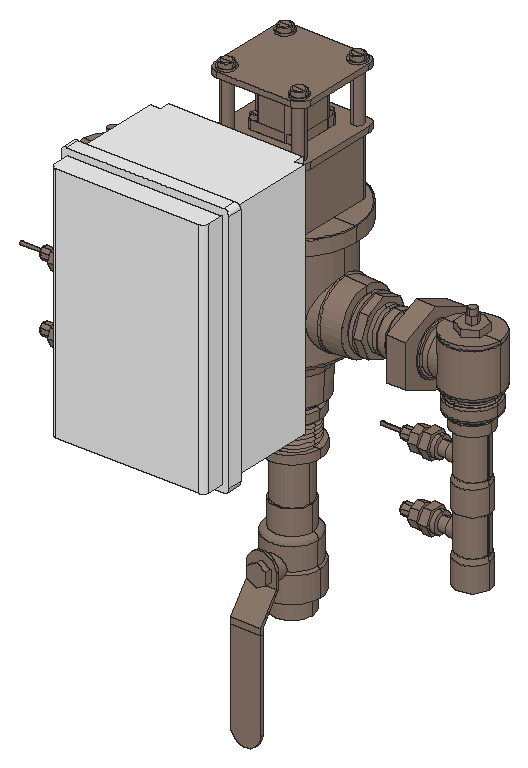
Revit family "Mixing_Valve-Leonard_Valve_Company-NV_150_LF", category Pipe Accessories, Revit 2015
Parameters (values of type "NV-150-LF-IF-RTS")
  Youtube clip = ""
  Weight Net (Kg) = "0"
  Uniformat II Description = ""
  Uniformat II Code = ""
  Uniclass 2015 Name = ""
  Uniclass 2015 Code = ""
  Uniclass 2.0 Description = ""
  Uniclass 2.0 Code = ""
  Uniclass 1.4 Description = ""
  Uniclass 1.4 Code = ""
  URL = "http://www.leonardvalve.com/"
  UNSPSC Code = "401416"
  Technical description = "http://www.leonardvalvecompany.com/assets/s-nv-150-lf.pdf"
  Valve Box Material = Steel-Leonard_Valve_Company-Baked_White
  Region South America = "None"
  Region Oceania = "None"
  Region North America = "US"
  Region Middle East = "None"
  Region Europe = "None"
  Region Asia = "None"
  Region Antarctica = "None"
  Region Africa = "None"
  QR code = "http://bimobject.com/leonardvalvecompany/product/nv-150-lf"
  Product url = "http://www.leonardvalvecompany.com/nucleus.html"
  Product group = "Digitally Controlled Mixing Valves"
  Product family = "Mixing Valves for Liquid Services"
  Product data url = "https://bimobject.com/leonardvalvecompany/product/nv-150-lf"
  Product certification = ""
  Product SKU = "nv-150-lf"
  Product Guid = "de5db732-72ee-4206-bb4f-5ee1b4d9b55c"
  Pipe Radius .75 = 0.8125"  # constant formula
  Pipe Radius .625 = 0.6875"  # constant formula
  Outlet Flow = 0.0 L/s
  OmniClass Description = "Mixing Valves"
  OmniClass Code = "23-27 31 29"
  Nominal width = 0.0000"
  Nominal height = 0.0000"
  Tee Fittings = 7.55446"
  NF-150-LF-IF-RTS Double Fittings = yes
  NBS Reference Description = ""
  NBS Reference Code = ""
  Model = "NV-150-LF"
  Material secondary = ""
  Material main = ""
  Masterformat 2014 Description = ""
  Masterformat 2014 Code = ""
  Manufacturer name = "Leonard Valve Company"
  Manufacturer country = "United States"
  Manufacturer = "Leonard Valve Company"
  Installation instructions = ""
  Inlet Flow = 0.0 L/s
  IFC Classification = "Valve"
  Edition number = 1
  EAN code = ""
  Design country = "United States"
  Description = "The Nucleus Digitally Controlled Mixing Valve from Leonard Valve Company serves as the central monitor & control of a Domestic Hot Water System. The Nucleus Digitally Controlled Mixing Valve capabilities include:\r\n\r\n+/- 2°F Mixed Water Temperature in accordance with ASSE 1017-2009.\r\n+/- 2°F Mixed Water Temperature during periods of low or no system demand\r\n0.5 GPM Minimum Flow with Continuously Operating Recirculation Pump\r\nAutomatic Shutoff of Valve upon Cold or Hot Supply Failure\r\nSystem Setup & Commissioning from Nucleus Control Module–no PC or Laptop Required\r\nLCD Display & Sensor Indicators – Set Point Temperature & Actual Temperature\r\nBMS Interface – Native Support for Six Different Protocols including BACnet & Modbus\r\nEthernet Connection for PC or LAN for Valve Programming or Interrogation\r\nWeb Server to remotely monitor & control Nucleus Mixing Valve\r\nData Logger – stores up to 30 days of temperatures, pressure & flows\r\nNucleus is UL Listed & Approved to E484833. Eco-Mix Certified Lead Free Construction"
  Date of publishing = ""
  COBIe Type Category = ""
  Pipe Material = Bronze-Leonard_Valve_Company
  Brand url = "http://www.leonardvalve.com/"
  BIMobject category = "Valves"
Reference planes (in)
  plane 1 "Center (Front/Back)": y = 0
  plane 2: z = 0
  plane 3 "Center (Left/Right)": x = 0
  plane 4: z = 5.36022
  plane 5: z = 15.4784
  plane 6: z = 12.91468
  plane 7: z = 3.80938
  plane 8: z = 11.35186
  plane 9: z = 5.36022
  plane 10: z = 3.7974
  plane 11: x = -8.02027
  plane 12: x = 8.04034
  plane 13: z = 14.15842
  plane 14: z = 12.60758
  plane 15: y = -2.89593
Forms (in)
  Sweep 1, solid, material "Bronze-Leonard_Valve_Company" <- "Pipe Material", detail levels fine
    path origin (0, -2.89593, 12.91468) x (1, 0, 0) y (0, 0, 1)
      loop
        line (-8.02027, 0) -> (-8.02027, -7.55446)
    profile "Fitting-Profile_R0.625 : Fitting-Profile_R0.625" origin (-8.02027, -2.89593, 9.13745) x (1, 0, 0) y (0, -1, 0)
      loop
        circle (0, 0) r 0.6875
  Sweep 2, solid, material "Bronze-Leonard_Valve_Company" <- "Pipe Material", detail levels fine
    path origin (0, -2.89593, 12.90289) x (1, 0, 0) y (0, 0, 1)
      loop
        line (8.04034, -1.55103) -> (8.04034, -9.10549)
    profile "Fitting-Profile_R0.625 : Fitting-Profile_R0.625" origin (8.04034, -2.89593, 7.57463) x (1, 0, 0) y (0, -1, 0)
      loop
        circle (0, 0) r 0.6875
Lines and regions (in)
  Masking region 1, detail levels coarse+medium
    outline origin (0, 6.25, 0) x (1, 0, 0) y (0, 1, 0)
      loop
        circle (0, -9.14593) r 2.89593
  model lines, detail levels coarse+medium
    curve 1: line (-8.02027, -2.89593, 12.32149) -> (-8.02027, -2.89593, 14.15842)
    curve 2: line (8.04034, -2.89593, 3.80919) -> (8.04034, -2.89593, 12.60758)
    curve 9: line (-8.02027, -2.89593, 14.15842) -> (-3.739, -2.89593, 14.15842)
    curve 10: line (8.04034, -2.89593, 12.60758) -> (3.739, -2.89593, 12.60758)
    curve 11: line (-3.739, -2.89593, 20.74034) -> (3.739, -2.89593, 20.74034)
    curve 12: line (-3.739, -2.89593, 9.39734) -> (-3.739, -2.89593, 20.74034)
    curve 13: line (3.739, -2.89593, 9.39734) -> (-3.739, -2.89593, 9.39734)
    curve 14: line (3.739, -2.89593, 20.74034) -> (3.739, -2.89593, 9.39734)
    curve 15: line (0, -2.89593, 9.39734) -> (0, -2.89593, 3.80938)
    curve 16: line (-0.94662, -2.89593, 3.80938) -> (0.94662, -2.89593, 3.80938)
    curve 17: line (0.94662, -2.89593, 3.80938) -> (0, -2.89593, 1.93956)
    curve 18: line (-0.94662, -2.89593, 3.80938) -> (0, -2.89593, 1.93956)
    curve 19: line (-0.94662, -2.89593, 0.06974) -> (0.94662, -2.89593, 0.06974)
    curve 20: line (0.94662, -2.89593, 0.06974) -> (0, -2.89593, 1.93956)
    curve 21: line (-0.94662, -2.89593, 0.06974) -> (0, -2.89593, 1.93956)
    curve 22: line (0, -2.89593, 1.93956) -> (-1.5, -2.89593, 1.93956)
    curve 23: line (-1.5, -2.89593, 1.93956) -> (-1.5, -2.89593, 2.68956)
    curve 24: line (-1.5, -2.89593, 1.93956) -> (-1.5, -2.89593, 1.18956)
  model lines, visible <- "NF-150-LF-IF-RTS Double Fittings", detail levels coarse+medium
    curve 3: line (-8.77311, -2.89593, 5.36022) -> (-7.26742, -2.89593, 5.36022)
    curve 4: line (-8.77311, -2.89593, 12.32149) -> (-7.26742, -2.89593, 12.32149)
    curve 5: line (7.2875, -2.89593, 3.80938) -> (8.79318, -2.89593, 3.80938)
    curve 6: line (7.2875, -2.89593, 3.80919) -> (8.79318, -2.89593, 3.80919)
  symbolic lines, detail levels coarse+medium
    curve 7: line (-2.89593, -2.89593, 0) -> (-8.02027, -2.89593, 0)
    curve 8: line (2.89593, -2.89593, 0) -> (8.06287, -2.89593, 0)
Dimensions and locks (in)
  locked: plane 5 to plane 2 at 15.4784
  locked: plane 5 to plane 6 at 2.56372
  "Tee Fittings": plane 6 to plane 9
  locked: plane 5 to plane 8 at 4.12654
  "Tee Fittings": plane 8 to plane 10
  plane 11 to plane 3 "Center (Left/Right)" to plane 12 = 8.02027" locked, 8.04034" locked
  locked: plane 1 "Center (Front/Back)" to plane 15 at 2.89593
  aligned and locked: level to plane 2
  aligned and locked: nested 2 to nested 3
  aligned and locked: Sweep 2 to plane 8  (x2)
  aligned and locked: Sweep 1 to plane 6  (x2)
  aligned and locked: plane 10 to Sweep 2
  aligned and locked: nested 4 to nested 4
  aligned and locked: nested 4 to nested 5
  aligned and locked: plane 8 to Sweep 2 sketch curve
  aligned and locked: plane 10 to Sweep 2 sketch curve
  aligned and locked: plane 6 to Sweep 1 sketch curve
  aligned and locked: plane 9 to Sweep 1 sketch curve
  aligned and locked: curve 1 to plane 11
  aligned and locked: curve 2 to plane 12
  aligned and locked: curve 4 to curve 1
  aligned and locked: plane 12 to curve 2
  aligned and locked: nested 4 to plane 15
  aligned and locked: plane 15 to curve 7
  aligned and locked: plane 14 to curve 10
  aligned and locked: plane 14 to curve 2
  aligned and locked: plane 13 to curve 9
  aligned and locked: plane 11 to curve 1
  aligned and locked: plane 11 to curve 9
  aligned and locked: curve 11 to nested 6
  aligned and locked: curve 12 to nested 6
  aligned and locked: curve 13 to nested 6
  aligned and locked: curve 14 to nested 6
  aligned and locked: curve 8 to plane 15
  aligned and locked: curve 15 to plane 3 "Center (Left/Right)"
  aligned and locked: plane 3 "Center (Left/Right)" to nested 1
Automatic sketch dimensions
  Sweep 1 sketch curve to plane 3 "Center (Left/Right)" = 8.02027"
  plane 3 "Center (Left/Right)" to Sweep 2 sketch curve = 8.04034"
  curve 3 to plane 4 = 0.0000"
  curve 5 to plane 7 = 0.0000"
  curve 4 to plane 14 = 0.28609"
  curve 4 to plane 11 = 0.75284"
  curve 3 to plane 11 = 0.75284"
  plane 12 to curve 6 = 0.75284"
  plane 12 to curve 5 = 0.75284"
  curve 6 to plane 12 = 0.75284"
  curve 1 to plane 13 = 0.0000"
  plane 12 to curve 10 = 0.0000"
  plane 11 to curve 3 = 0.75284"
  plane 11 to curve 4 = 0.75284"
  curve 5 to plane 12 = 0.75284"
  curve 6 to plane 10 = 0.01179"
  curve 21 to plane 3 "Center (Left/Right)" = 0.0000"
  plane 3 "Center (Left/Right)" to curve 19 = 0.94662"
  level to curve 17 = 3.80938"
  plane 3 "Center (Left/Right)" to curve 17 = 0.94662"
  curve 15 to curve 16 = 0.94662"
  curve 19 to plane 3 "Center (Left/Right)" = 0.94662"
  curve 16 to curve 23 = 0.55338"
  level to curve 23 = 2.68956"
  curve 17 to curve 23 = 0.7500"
  curve 24 to curve 22 = 0.7500"
  curve 21 to curve 24 = 1.11982"
  Masking region 1 sketch curve to plane 3 "Center (Left/Right)" = 0.0000"
  Masking region 1 sketch curve to plane 15 = 0.0000"
  curve 7 to plane 11 = 0.0000"
  curve 7 to plane 3 "Center (Left/Right)" = 2.89593"
  plane 3 "Center (Left/Right)" to curve 8 = 2.89593"
  curve 8 to plane 12 = 0.02253"
  radius of Masking region 1 sketch curve = 2.89593"
Nested families (in)
  nested 1: "Mixing-Valve-Nucleus_NV-150-LF" at (0, -2.89593, 13.16468), type "NV-150-RF-IF-RTS", detail levels fine
  nested 2: "Fitting-Tee_NV-150-LF_R1.250_Upper" at (-8.02027, -2.89593, 10.31893), visible <- "NF-150-LF-IF-RTS Double Fittings", type "Fitting-Tee_NV-150-LF_R1.250_Upper"
  nested 3: "Fitting-Tee_NV-150-LF_R1.250_Bottom" at (-8.02027, -2.89593, 7.28749), visible <- "NF-150-LF-IF-RTS Double Fittings", type "Fitting-Tee_NV-150-LF_R1.250_Bottom"
  nested 4: "Fitting-Tee_NV-150-LF_R1.250_Upper" at (8.04034, -2.89593, 8.76809), visible <- "NF-150-LF-IF-RTS Double Fittings", type "Fitting-Tee_NV-150-LF_R1.250_Upper"
  nested 5: "Fitting-Tee_NV-150-LF_R1.250_Bottom" at (8.04034, -2.89593, 5.73665), visible <- "NF-150-LF-IF-RTS Double Fittings", type "Fitting-Tee_NV-150-LF_R1.250_Bottom"
  nested 6: "Box_NV-150-LF" at (0, -9.04369, 9.39734), type "Box_NV-150-LF", detail levels fine
  nested 7: "Valve-Ball_NV-150-LF_R1.500" at (0, -2.89593, 2.65924), type "Valve-Ball_NV-150-LF_R1.500", detail levels fine
Connectors (in)
  piping at (-8.02027, -2.89593, 5.36022), diameter 1.25, driven by "Inlet Flow"
    settings: on Sweep 1, index 11, connector inside diameter 609.6 mm, connector length 0.0000", flow factor 0, pipe flow 0.0 L/s, pressure drop 0.0 Pa, fitting loss kfactor 0, connector angle 0.00°, fixture units 0, engagement length 0.0000", angle of deflection 0.00°, flow configuration 0, flow direction 1, fitting loss method 0, system type 19, joint type 0, gender type 0, connector reference index -1, connector utility 0, adjustable connector no, is connector primary yes, connector description "Hot Water Inlet"
  piping at (8.04034, -2.89593, 3.7974), diameter 1.25, driven by "Inlet Flow"
    settings: on Sweep 2, index 12, connector inside diameter 609.6 mm, connector length 0.0000", flow factor 0, pipe flow 0.0 L/s, pressure drop 0.0 Pa, fitting loss kfactor 0, connector angle 0.00°, fixture units 0, engagement length 0.0000", angle of deflection 0.00°, flow configuration 0, flow direction 1, fitting loss method 0, system type 20, joint type 0, gender type 0, connector reference index -1, connector utility 0, adjustable connector no, is connector primary no, connector description "Chilled Water Inlet"
  piping at (0, -2.89593, 0), diameter 1.5, driven by "Outlet Flow"
    settings: on nested 7, index 13, connector inside diameter 609.6 mm, connector length 0.0000", flow factor 0, pipe flow 0.0 L/s, pressure drop 0.0 Pa, fitting loss kfactor 0, connector angle 0.00°, fixture units 0, engagement length 0.0000", angle of deflection 0.00°, flow configuration 0, flow direction 2, fitting loss method 0, system type 7, joint type 0, gender type 0, connector reference index -1, connector utility 0, adjustable connector no, is connector primary no, connector description "Outlet"
Definition of nested family "Mixing-Valve-Nucleus_NV-150-LF"
  Parameters (values of type "NV-150-RF-IF-RTS")
    NV-150-RF-IF-RTS = yes
    NV-150-LF-IF-RTS Additional part = 7.5000"
    Default Elevation = 48.0000"
    Bronze - Leonard Valve Company = none
  Reference planes (in)
    plane 1 "Center (Front/Back)": y = 0
    plane 2: z = 0
    plane 3 "Center (Left/Right)": x = 0
    plane 4: y = 1.1142
    plane 5: y = -1.1142
    plane 6: y = 2.13305
    plane 7: y = -1.65625
    plane 8: y = 1.63116
    plane 9: y = -1.63116
    plane 10: y = 0.9282
    plane 11: y = -0.9282
    plane 12: x = -1.23968
    plane 13: x = 1.23968
    plane 14: y = 1.24452
    plane 15: y = -1.24452
    plane 16: y = 1.65625
    plane 17: y = -1.53078
    plane 18: z = -2.39403
    plane 19: x = 9.29508
    plane 20: y = 0.6535
    plane 21: y = -0.6535
    plane 22: y = 0.2185
    plane 23: y = -0.2185
    plane 24: x = -9.275
    plane 25: x = -2.21335
    plane 26: x = -1.97244
    plane 27: x = -2.34384
    plane 28: y = 0.25597
    plane 29: y = -0.25597
    plane 30: x = 1.998
    plane 31: y = -2.13305
    plane 32: x = -1.07907
    plane 33: x = 1.07907
    plane 34: y = 1.88215
    plane 35: y = -1.92225
    plane 36: y = -1.88215
    plane 37: z = -0.84319
    plane 38: x = -1.62112
    plane 39: x = 1.62112
    plane 40: z = 8.58741
    plane 41: z = 8.33646
    plane 42: z = 6.07794
    plane 43: z = 5.82699
    plane 44: z = 3.09669
    plane 45: z = -2.95114
    plane 46: x = -2.7554
    plane 47: z = -1.89403
    plane 48: z = -0.25
  Forms (in)
    Revolve 1, solid, material <- "Bronze - Leonard Valve Company", detail levels fine
      sketch origin (0, 0, 0) x (1, 0, 0) y (0, 0, 1)
        loop
          line (-2.89593, 2.44924) -> (0, 2.44924) -> (0, 3.09669) -> (-2.85578, 3.09669)
          arc (-2.85578, 3.09669) -> (-2.87707, 3.08787) -> (-2.88589, 3.06657) r 0.03011
          line (-2.88589, 3.06657) -> (-2.89593, 2.44924)
        axis (0, 3.09669) -> (0, 2.44924)
      angle from 0 to 360
    Sweep 2, solid, material <- "Bronze - Leonard Valve Company", detail levels fine
      path origin (0, 0, 0) x (1, 0, 0) y (0, 0, 1)
        loop
          line (0, 6.07794) -> (0, 5.82699)
      profile origin (0, 0, 5.95246) x (0, -1, 0) y (1, 0, 0)
        loop
          arc (-2.13305, -1.63111) -> (-1.98605, -1.986) -> (-1.63116, -2.133) r 0.50189
          line (-1.63116, -2.133) -> (1.63116, -2.133)
          arc (1.63116, -2.133) -> (1.98605, -1.986) -> (2.13305, -1.63111) r 0.50189
          line (2.13305, -1.63111) -> (2.13305, 1.63111)
          arc (2.13305, 1.63111) -> (1.98605, 1.986) -> (1.63116, 2.133) r 0.50189
          line (1.63116, 2.133) -> (-1.63116, 2.133)
          arc (-1.63116, 2.133) -> (-1.98605, 1.986) -> (-2.13305, 1.63111) r 0.50189
          line (-2.13305, 1.63111) -> (-2.13305, -1.63111)
    Sweep 3, solid, material <- "Bronze - Leonard Valve Company", detail levels fine
      path origin (0, 0, 0) x (1, 0, 0) y (0, 0, 1)
        loop
          line (0, 6.07794) -> (0, 7.84962)
      profile origin (0, 0, 6.96378) x (-1, 0, 0) y (0, -1, 0)
        loop
          arc (0.58009, -1.1142) -> (0.69357, -1.05731) -> (0.73829, -0.93851) r 0.17417
          arc (0.73829, -0.93851) -> (0.79399, -0.80403) -> (0.92847, -0.74833) r 0.19019
          arc (0.92847, -0.74833) -> (1.04487, -0.70481) -> (1.10417, -0.5956) r 0.17742
          line (1.10417, -0.5956) -> (1.10417, 0.5956)
          arc (1.10417, 0.5956) -> (1.04487, 0.70481) -> (0.92847, 0.74833) r 0.17742
          arc (0.92847, 0.74833) -> (0.79399, 0.80403) -> (0.73829, 0.93851) r 0.19019
          arc (0.73829, 0.93851) -> (0.69357, 1.05731) -> (0.58009, 1.1142) r 0.17417
          line (0.58009, 1.1142) -> (-0.58009, 1.1142)
          arc (-0.58009, 1.1142) -> (-0.69357, 1.05731) -> (-0.73829, 0.93851) r 0.17417
          arc (-0.73829, 0.93851) -> (-0.79399, 0.80403) -> (-0.92847, 0.74833) r 0.19019
          arc (-0.92847, 0.74833) -> (-1.04487, 0.70481) -> (-1.10417, 0.5956) r 0.17742
          line (-1.10417, 0.5956) -> (-1.10417, -0.5956)
          arc (-1.10417, -0.5956) -> (-1.04487, -0.70481) -> (-0.92847, -0.74833) r 0.17742
          arc (-0.92847, -0.74833) -> (-0.79399, -0.80403) -> (-0.73829, -0.93851) r 0.19019
          arc (-0.73829, -0.93851) -> (-0.69357, -1.05731) -> (-0.58009, -1.1142) r 0.17417
          line (-0.58009, -1.1142) -> (0.58009, -1.1142)
    Sweep 4, solid, material <- "Bronze - Leonard Valve Company", detail levels fine
      path origin (0, 0, 0) x (1, 0, 0) y (0, 0, 1)
        loop
          line (0, 6.07794) -> (0, 6.45938)
      profile origin (0, 0, 6.26866) x (-1, 0, 0) y (0, -1, 0)
        loop
          arc (0.94938, -1.1142) -> (1.05883, -1.06887) -> (1.10417, -0.95942) r 0.15479
          line (1.10417, -0.95942) -> (1.10417, 0.95942)
          arc (1.10417, 0.95942) -> (1.05883, 1.06887) -> (0.94938, 1.1142) r 0.15479
          line (0.94938, 1.1142) -> (-0.94938, 1.1142)
          arc (-0.94938, 1.1142) -> (-1.05883, 1.06887) -> (-1.10417, 0.95942) r 0.15479
          line (-1.10417, 0.95942) -> (-1.10417, -0.95942)
          arc (-1.10417, -0.95942) -> (-1.05883, -1.06887) -> (-0.94938, -1.1142) r 0.15479
          line (-0.94938, -1.1142) -> (0.94938, -1.1142)
    Sweep 5, solid, material <- "Bronze - Leonard Valve Company", detail levels fine
      path origin (-4.39662, 1.63116, 47.24409) x (-1, 0, 0) y (0, 0, 1)
        loop
          line (-2.7755, -41.16616) -> (-2.7755, -38.90764)
      profile origin (-1.62112, 1.63116, 7.2072) x (1, 0, 0) y (0, 1, 0)
        loop
          circle (0, 0) r 0.251
    Sweep 6, solid, material <- "Bronze - Leonard Valve Company", detail levels fine
      path origin (-4.39662, 1.63116, 47.24409) x (-1, 0, 0) y (0, 0, 1)
        loop
          line (-6.01773, -38.90764) -> (-6.01773, -41.16616)
      profile origin (1.62112, 1.63116, 7.2072) x (0, 1, 0) y (-1, 0, 0)
        loop
          circle (0, 0) r 0.251
    Sweep 7, solid, material <- "Bronze - Leonard Valve Company", detail levels fine
      path origin (-4.39662, -1.63116, 47.24409) x (-1, 0, 0) y (0, 0, 1)
        loop
          line (-2.7755, -38.90764) -> (-2.7755, -41.16616)
      profile origin (-1.62112, -1.63116, 7.2072) x (0, -1, 0) y (1, 0, 0)
        loop
          circle (0, 0) r 0.251
    Sweep 8, solid, material <- "Bronze - Leonard Valve Company", detail levels fine
      path origin (-4.39662, -1.63116, 47.24409) x (-1, 0, 0) y (0, 0, 1)
        loop
          line (-6.01773, -41.16616) -> (-6.01773, -38.90764)
      profile origin (1.62112, -1.63116, 7.2072) x (-1, 0, 0) y (0, -1, 0)
        loop
          circle (0, 0) r 0.251
    Sweep 9, solid, material <- "Bronze - Leonard Valve Company", detail levels fine
      path origin (0, 0, 0) x (1, 0, 0) y (0, 0, 1)
        loop
          line (0, 8.58741) -> (0, 8.33646)
      profile origin (0, 0, 8.46193) x (0, -1, 0) y (1, 0, 0)
        loop
          arc (-2.13305, -1.63111) -> (-1.98605, -1.986) -> (-1.63116, -2.133) r 0.50189
          line (-1.63116, -2.133) -> (1.63116, -2.133)
          arc (1.63116, -2.133) -> (1.98605, -1.986) -> (2.13305, -1.63111) r 0.50189
          line (2.13305, -1.63111) -> (2.13305, 1.63111)
          arc (2.13305, 1.63111) -> (1.98605, 1.986) -> (1.63116, 2.133) r 0.50189
          line (1.63116, 2.133) -> (-1.63116, 2.133)
          arc (-1.63116, 2.133) -> (-1.98605, 1.986) -> (-2.13305, 1.63111) r 0.50189
          line (-2.13305, 1.63111) -> (-2.13305, -1.63111)
    Revolve 10, solid, material <- "Bronze - Leonard Valve Company", detail levels fine
      sketch origin (-4.39662, 1.63116, 47.24409) x (-1, 0, 0) y (0, 0, 1)
        loop
          line (-2.7755, -38.39069) -> (-2.7755, -38.65669) -> (-2.39908, -38.65669) -> (-2.39908, -38.59646) -> (-2.4844, -38.59646) -> (-2.4844, -38.41578) -> (-2.52455, -38.39069) -> (-2.7755, -38.39069)
        axis (-2.7755, -38.39069) -> (-2.7755, -38.65669)
      angle from 0 to 360
    Revolve 11, solid, material <- "Bronze - Leonard Valve Company", detail levels fine
      sketch origin (-1.40981, 0.9282, 47.24409) x (-1, 0, 0) y (0, 0, 1)
        loop
          line (-0.33073, -40.78472) -> (-0.33073, -40.594) -> (-0.49164, -40.594) -> (-0.49164, -40.78472) -> (-0.33073, -40.78472)
        axis (-0.49164, -40.594) -> (-0.49164, -40.78472)
      angle from 0 to 360
    Revolve 12, solid, material <- "Bronze - Leonard Valve Company", detail levels fine
      sketch origin (-1.40981, 0.9282, 47.24409) x (-1, 0, 0) y (0, 0, 1)
        loop
          line (-2.32797, -40.78472) -> (-2.32797, -40.594) -> (-2.48888, -40.594) -> (-2.48888, -40.78472) -> (-2.32797, -40.78472)
        axis (-2.32797, -40.594) -> (-2.32797, -40.78472)
      angle from 0 to 360
    Revolve 13, solid, material <- "Bronze - Leonard Valve Company", detail levels fine
      sketch origin (-1.40981, -0.9282, 47.24409) x (-1, 0, 0) y (0, 0, 1)
        loop
          line (-0.49164, -40.594) -> (-0.49164, -40.78472) -> (-0.33073, -40.78472) -> (-0.33073, -40.594) -> (-0.49164, -40.594)
        axis (-0.49164, -40.594) -> (-0.49164, -40.78472)
      angle from 0 to 360
    Revolve 14, solid, material <- "Bronze - Leonard Valve Company", detail levels fine
      sketch origin (-1.40981, -0.9282, 47.24409) x (-1, 0, 0) y (0, 0, 1)
        loop
          line (-2.32797, -40.594) -> (-2.48888, -40.594) -> (-2.48888, -40.78472) -> (-2.32797, -40.78472) -> (-2.32797, -40.594)
        axis (-2.32797, -40.594) -> (-2.32797, -40.78472)
      angle from 0 to 360
    Revolve 15, solid, material <- "Bronze - Leonard Valve Company", detail levels fine
      sketch origin (0, 0, 0) x (1, 0, 0) y (0, 0, 1)
        loop
          line (0, 2.44924) -> (0, -4.45682) -> (0, -8.72794) -> (0.80711, -8.72794) -> (0.80711, -6.91108) -> (0.91847, -6.91108) -> (1.25975, -6.75047) -> (1.25975, -6.38409) -> (1.01229, -6.38409) -> (0.90843, -6.32891) -> (1.07061, -6.24275) -> (0.90843, -6.15659) -> (1.07061, -6.07043) -> (0.90843, -5.98427) -> (1.07061, -5.89811) -> (0.90843, -5.81195) -> (1.07061, -5.72579) -> (0.90843, -5.63963) -> (1.07061, -5.55346) -> (0.90843, -5.4673) -> (1.07061, -5.38114) -> (0.90843, -5.29498) -> (1.00881, -5.23475) -> (1.23968, -5.23475) -> (1.23968, -4.83324)
          arc (1.23968, -4.83324) -> (1.17147, -4.80506) -> (1.11922, -4.75294) r 0.18931
          line (1.11922, -4.75294) -> (0.99877, -4.75294) -> (1.20956, -4.63248) -> (0.99375, -4.51705) -> (1.09413, -4.45682) -> (1.42036, -4.45682) -> (1.45437, -3.20146) -> (1.63172, -2.53958)
          arc (1.63172, -2.53958) -> (1.67655, -2.47436) -> (1.75161, -2.44924) r 0.12472
          line (1.75161, -2.44924) -> (2.17084, -2.44924)
          arc (2.17084, -2.44924) -> (2.28253, -2.40298) -> (2.32879, -2.29129) r 0.15795
          line (2.32879, -2.29129) -> (2.32879, 2.44924) -> (0, 2.44924)
        axis (0, 2.44924) -> (0, -8.72794)
      angle from 0 to 360
    Revolve 16, solid, material <- "Bronze - Leonard Valve Company", detail levels fine
      sketch origin (0, 0, 0) x (1, 0, 0) y (0, 0, 1)
        loop
          line (-1.23968, -2.49943) -> (-1.84697, -2.49943) -> (-1.84697, -2.69943) -> (-1.89215, -2.72147) -> (-1.97244, -2.72147) -> (-1.97244, -2.95114) -> (-1.23968, -2.95114) -> (-1.23968, -2.49943)
        axis (-1.23968, -2.95114) -> (-1.97244, -2.95114)
      angle from 0 to 360
    Sweep 17, solid, material <- "Bronze - Leonard Valve Company", detail levels fine
      path origin (0, 0, 0) x (1, 0, 0) y (0, 0, 1)
        loop
          line (-1.97244, -2.95114) -> (-2.21335, -2.95114)
      profile origin (-2.0929, 0, -2.95114) x (0, 0, -1) y (0, -1, 0)
        loop
          line (-0.32623, -0.13513) -> (-0.13513, -0.32623) -> (0.13513, -0.32623) -> (0.32623, -0.13513) -> (0.32623, 0.13513) -> (0.13513, 0.32623) -> (-0.13513, 0.32623) -> (-0.32623, 0.13513) -> (-0.32623, -0.13513)
    Revolve 18, solid, material <- "Bronze - Leonard Valve Company", detail levels fine
      sketch origin (0, 0, 0) x (1, 0, 0) y (0, 0, 1)
        loop
          line (-2.21335, -2.82566) -> (-2.28362, -2.82566) -> (-2.34384, -2.76544) -> (-2.34384, -2.95114) -> (-2.21335, -2.95114) -> (-2.21335, -2.82566)
        axis (-2.21335, -2.95114) -> (-2.34384, -2.95114)
      angle from 0 to 360
    Revolve 19, solid, material <- "Bronze - Leonard Valve Company", detail levels fine
      sketch origin (0, 0, 0) x (1, 0, 0) y (0, 0, 1)
        loop
          line (-2.7554, -2.7303) -> (-2.81563, -2.7303) -> (-2.81563, -2.88589) -> (-3.81941, -2.88589) -> (-3.81941, -2.95114) -> (-2.7554, -2.95114) -> (-2.7554, -2.7303)
        axis (-2.7554, -2.95114) -> (-3.81941, -2.95114)
      angle from 0 to 360
    Sweep 20, solid, material <- "Bronze - Leonard Valve Company", detail levels fine
      path origin (0, 0, 0) x (1, 0, 0) y (0, 0, 1)
        loop
          line (-2.7554, -2.95114) -> (-2.34384, -2.95114)
      profile origin (-2.54962, 0, -2.95114) x (0, 0, 1) y (0, -1, 0)
        loop
          line (0.25597, 0.10602) -> (0.10602, 0.25597) -> (-0.10602, 0.25597) -> (-0.25597, 0.10602) -> (-0.25597, -0.10602) -> (-0.10602, -0.25597) -> (0.10602, -0.25597) -> (0.25597, -0.10602) -> (0.25597, 0.10602)
    Revolve 21, solid, material <- "Bronze - Leonard Valve Company", detail levels fine
      sketch origin (-4.39662, 1.63116, 47.24409) x (-1, 0, 0) y (0, 0, 1)
        loop
          line (-6.39462, -38.65669) -> (-6.01773, -38.65669) -> (-6.01773, -38.39069) -> (-6.26868, -38.39069) -> (-6.30883, -38.41578) -> (-6.30883, -38.59646) -> (-6.39462, -38.59646) -> (-6.39462, -38.65669)
        axis (-6.01773, -38.39069) -> (-6.01773, -38.65669)
      angle from 0 to 360
    Revolve 22, solid, material <- "Bronze - Leonard Valve Company", detail levels fine
      sketch origin (-4.39662, -1.63116, 47.24409) x (-1, 0, 0) y (0, 0, 1)
        loop
          line (-2.39908, -38.65669) -> (-2.39908, -38.59646) -> (-2.4844, -38.59646) -> (-2.4844, -38.41578) -> (-2.52455, -38.39069) -> (-2.7755, -38.39069) -> (-2.7755, -38.65669) -> (-2.39908, -38.65669)
        axis (-2.7755, -38.39069) -> (-2.7755, -38.65669)
      angle from 0 to 360
    Revolve 23, solid, material <- "Bronze - Leonard Valve Company", detail levels fine
      sketch origin (-4.39662, -1.63116, 47.24409) x (-1, 0, 0) y (0, 0, 1)
        loop
          line (-6.39462, -38.65669) -> (-6.01773, -38.65669) -> (-6.01773, -38.39069) -> (-6.26868, -38.39069) -> (-6.30883, -38.41578) -> (-6.30883, -38.59646) -> (-6.39462, -38.59646) -> (-6.39462, -38.65669)
        axis (-6.01773, -38.39069) -> (-6.01773, -38.65669)
      angle from 0 to 360
    Sweep 24, solid, material <- "Bronze - Leonard Valve Company", detail levels fine
      path origin (0, 0, 0) x (1, 0, 0) y (0, 0, 1)
        loop
          line (0, 5.82699) -> (0, 3.09669)
      profile origin (0, 0, 4.46184) x (0, -1, 0) y (1, 0, 0)
        loop
          arc (-1.88215, -1.62106) -> (-1.80864, -1.79855) -> (-1.63115, -1.87206) r 0.251
          line (-1.63115, -1.87206) -> (1.63121, -1.87206)
          arc (1.63121, -1.87206) -> (1.80865, -1.79856) -> (1.88215, -1.62112) r 0.25095
          line (1.88215, -1.62112) -> (1.88215, 1.62112)
          arc (1.88215, 1.62112) -> (1.80865, 1.79856) -> (1.63121, 1.87206) r 0.25095
          line (1.63121, 1.87206) -> (-1.63121, 1.87206)
          arc (-1.63121, 1.87206) -> (-1.80865, 1.79856) -> (-1.88215, 1.62112) r 0.25095
          line (-1.88215, 1.62112) -> (-1.88215, -1.62106)
  Dimensions and locks (in)
    equal spacing: Sweep 17 sketch curve, plane 1 "Center (Front/Back)", Sweep 17 sketch curve
    locked: Sweep 17 sketch curve to Sweep 17 sketch curve at 0.65246
    plane 6 to plane 16 to plane 14 to plane 4 to plane 20 to plane 22 to plane 23 to plane 21 to plane 5 to plane 15 to plane 17 to plane 7 to plane 31 = 0.4768" locked, 0.41173" locked, 0.13031" locked, 0.4607" locked, 0.4350" locked, 0.4370" locked, 0.4350" locked, 0.4607" locked, 0.13031" locked, 0.28626" locked, 0.12547" locked, 0.4768" locked
    radius of Sweep 2 sketch curve = 0.50189"  (x4)
    radius of Sweep 4 sketch curve = 0.15479"  (x4)
    radius of Sweep 3 sketch curve = 0.17742"  (x4)
    radius of Sweep 3 sketch curve = 0.19019"  (x4)
    radius of Sweep 3 sketch curve = 0.17417"  (x4)
    radius of Sweep 5 sketch curve = 0.2510"
    radius of Sweep 6 sketch curve = 0.2510"
    radius of Sweep 7 sketch curve = 0.2510"
    radius of Sweep 8 sketch curve = 0.2510"
    radius of Sweep 9 sketch curve = 0.50189"  (x4)
    radius of Sweep 24 sketch curve = 0.2510"
    radius of Sweep 24 sketch curve = 0.25095"  (x3)
    aligned and locked: level to plane 2
    aligned and locked: plane 19 to nested 1
    aligned and locked: plane 24 to nested 2
    aligned and locked: plane 18 to nested 1
    aligned and locked: nested 2 to plane 1 "Center (Front/Back)"
    aligned and locked: plane 40 to Sweep 9 sketch curve
    aligned and locked: plane 41 to Sweep 9 sketch curve
    aligned and locked: Sweep 9 sketch curve to plane 3 "Center (Left/Right)"
    aligned and locked: plane 42 to Sweep 2 sketch curve
    aligned and locked: plane 43 to Sweep 2 sketch curve
    aligned and locked: Sweep 2 sketch curve to plane 3 "Center (Left/Right)"
    aligned and locked: plane 43 to Sweep 24 sketch curve
    aligned and locked: Sweep 24 sketch curve to plane 3 "Center (Left/Right)"
    aligned and locked: plane 44 to Sweep 24 sketch curve
    aligned and locked: plane 25 to Sweep 17 sketch curve
    aligned and locked: plane 26 to Sweep 17 sketch curve
    aligned and locked: plane 45 to Sweep 17 sketch curve
    aligned and locked: plane 46 to Sweep 20 sketch curve
    aligned and locked: plane 27 to Sweep 20 sketch curve
    aligned and locked: Sweep 20 sketch curve to plane 45
    aligned and locked: plane 37 to nested 2
  Nested families (in)
    nested 1: "Mixing-Valve_Nucleus_NV-150-LF_Side" at (1.77169, 0, -0.5571), type "Mixing-Valve_Nucleus_NV-150-LF_Side", detail levels fine
    nested 2: "Mixing-Valve_Nucleus_NV-150-LF_Side" at (-1.75161, 0, 0.99374) x (-1, 0, 0) z (0, 0, 1), type "Mixing-Valve_Nucleus_NV-150-LF_Side", detail levels fine
  Definition of nested family "Mixing-Valve_Nucleus_NV-150-LF_Side"
    Parameters (values of type "Mixing-Valve_Leonard-Valve-Company_NV-150-LF_Side")
      Material = none
      Default Elevation = 48.0000"
    Reference planes (in)
      plane 1 "Center (Front/Back)": y = 0
      plane 2: z = 0
      plane 3 "Center (Left/Right)": x = 0
      plane 4: y = 1.1142
      plane 5: y = -1.1142
      plane 6: x = 0.36131
      plane 7: x = 1.12424
      plane 8: y = -1.65625
      plane 9: y = 1.63116
      plane 10: y = -1.63116
      plane 11: y = 0.9282
      plane 12: y = -0.9282
      plane 13: x = 0.5571
      plane 14: x = 4.74792
      plane 15: z = 0
      plane 16: x = 1.92225
      plane 17: x = 2.32879
      plane 18: y = 1.24452
      plane 19: y = -1.24452
      plane 20: x = 3.77926
      plane 21: x = 4.63248
      plane 22: y = -1.53078
      plane 23: x = 6.26866
      plane 24: z = 2.20331
      plane 25: z = -1.83693
      plane 26: x = 7.52339
      plane 27: z = 1.62112
      plane 28: y = 0.6535
      plane 29: y = -0.6535
      plane 30: x = 5.70152
      plane 31: x = 6.8358
      plane 32: z = 1.31998
      plane 33: y = 0.2185
      plane 34: y = -0.2185
      plane 35: x = 6.01771
      plane 36: x = 6.5196
      plane 37: z = 1.95237
      plane 38: y = 0.25597
      plane 39: y = -0.25597
      plane 40: z = 1.24452
      plane 41: z = -1.24452
      plane 42: z = 1.5046
      plane 43: x = 1.96742
      plane 44: x = 3.92481
      plane 45: x = 4.39659
      plane 46: x = 3.64375
      plane 47: z = -1.65625
      plane 48: z = 1.21975
      plane 49: x = 4.3464
      plane 50: y = 1.65625
    Forms (in)
      Revolve 1, solid, material <- "Material"
        sketch origin (-1.77169, 0, 0.5571) x (1, 0, 0) y (0, 0, 1)
          loop
            arc (2.37894, 0.90341) -> (2.34621, 0.91675) -> (2.32879, 0.9475) r 0.0539
            line (2.32879, 0.9475) -> (1.77169, 0.9475) -> (1.77169, -0.5571) -> (3.69394, -0.5571) -> (3.69394, 0.68742)
            arc (3.69394, 0.68742) -> (3.67061, 0.61617) -> (3.61866, 0.56212) r 0.16831
            line (3.61866, 0.56212) -> (3.61866, 0.44167) -> (3.4982, 0.64744) -> (3.38277, 0.43665) -> (3.32254, 0.53201) -> (3.32254, 0.85322) -> (2.37894, 0.90341)
          axis (1.77169, -0.5571) -> (3.69394, -0.5571)
        angle from 0 to 360
      Sweep 2, solid, material <- "Material"
        path origin (-1.77169, 0, 0.5571) x (1, 0, 0) y (0, 0, 1)
          loop
            line (3.69394, -0.5571) -> (4.10047, -0.5571)
        profile origin (2.12552, 0, 0) x (0, 0, 1) y (0, -1, 0)
          loop
            line (0, -1.24452) -> (0.88001, -0.88001) -> (1.24452, 0) -> (0.88001, 0.88001) -> (0, 1.24452) -> (-0.88001, 0.88001) -> (-1.24452, 0) -> (-0.88001, -0.88001) -> (0, -1.24452)
      Revolve 3, solid, material <- "Material"
        sketch origin (-1.77169, 0, 0.5571) x (1, 0, 0) y (0, 0, 1)
          loop
            line (3.73911, 0.30616) -> (3.73911, -0.5571) -> (5.6965, -0.5571) -> (5.6965, 0.30616) -> (5.66136, 0.36638) -> (5.566, 0.2108) -> (5.48068, 0.3714) -> (5.38532, 0.21581) -> (5.3, 0.37642) -> (5.20464, 0.21581) -> (5.1143, 0.37642) -> (5.02396, 0.22083) -> (4.93362, 0.38144) -> (4.88845, 0.30616) -> (4.88845, 0.38144)
            arc (4.88845, 0.38144) -> (4.7178, 0.40152) -> (4.54716, 0.38144) r 0.73527
            line (4.54716, 0.38144) -> (4.54716, 0.30616) -> (4.49697, 0.38144) -> (4.41165, 0.22083) -> (4.31629, 0.37642) -> (4.23097, 0.21581) -> (4.13561, 0.37642) -> (4.05028, 0.21581) -> (3.95492, 0.3714) -> (3.86458, 0.2108) -> (3.77424, 0.36638) -> (3.73911, 0.30616)
          axis (3.73911, -0.5571) -> (5.6965, -0.5571)
        angle from 0 to 360
      Revolve 4, solid, material <- "Material"
        sketch origin (-1.77169, 0, 0.5571) x (1, 0, 0) y (0, 0, 1)
          loop
            line (5.74167, 0.57216) -> (5.45559, 0.57216) -> (5.41544, 0.53201) -> (5.41544, -0.5571) -> (6.16828, -0.5571) -> (6.16828, 0.49687)
            arc (6.16828, 0.49687) -> (6.05206, 0.52712) -> (5.93239, 0.53703) r 0.69887
            line (5.93239, 0.53703) -> (5.93239, 0.66265) -> (5.74167, 0.66265) -> (5.74167, 0.57216)
          axis (5.41544, -0.5571) -> (6.16828, -0.5571)
        angle from 0 to 360
      Sweep 5, solid, material <- "Material"
        path origin (-1.77169, 0, 0.5571) x (1, 0, 0) y (0, 0, 1)
          loop
            line (5.55095, -0.5571) -> (6.40417, -0.5571)
        profile origin (4.20587, 0, 0) x (0, 0, 1) y (0, -1, 0)
          loop
            line (0.95624, -1.65625) -> (1.65625, 0) -> (0.95624, 1.65625) -> (-0.95624, 1.65625) -> (-1.65625, 0) -> (-0.95624, -1.65625) -> (0.95624, -1.65625)
      Revolve 6, solid, material <- "Material"
        sketch origin (-1.77169, 0, 0.5571) x (1, 0, 0) y (0, 0, 1)
          loop
            line (8.04034, -2.39403) -> (9.0852, -2.39403)
            arc (9.0852, -2.39403) -> (9.13726, -2.37247) -> (9.15882, -2.32041) r 0.07362
            line (9.15882, -2.32041) -> (9.15882, -1.8819)
            arc (9.15882, -1.8819) -> (9.14316, -1.83753) -> (9.10312, -1.81282) r 0.07069
            arc (9.10312, -1.81282) -> (9.0829, -1.80918) -> (9.06422, -1.80064) r 0.08212
            arc (9.06422, -1.80064) -> (9.03128, -1.76638) -> (9.01928, -1.72039) r 0.09411
            line (9.01928, -1.72039) -> (9.01928, -1.63116)
            arc (9.01928, -1.63116) -> (9.06326, -1.52482) -> (9.16951, -1.48064) r 0.15052
            arc (9.16951, -1.48064) -> (9.2583, -1.44389) -> (9.29508, -1.35511) r 0.12552
            line (9.29508, -1.35511) -> (9.29508, 0.58702) -> (9.28722, 0.62867) -> (9.28722, 0.76288) -> (8.04034, 0.76288) -> (8.04034, -2.39403)
          axis (8.04034, -2.39403) -> (8.04034, 0.76288)
        angle from 0 to 360
      Revolve 7, solid, material <- "Material"
        sketch origin (-1.77169, 0, 0.4121) x (1, 0, 0) y (0, 0, 1)
          loop
            line (6.43551, 0.71197) -> (6.40662, 0.63239) -> (6.37773, 0.71197) -> (6.34884, 0.63239) -> (6.31995, 0.71197) -> (6.29106, 0.63239) -> (6.26218, 0.71197) -> (6.23329, 0.63239) -> (6.2044, 0.71197) -> (6.17551, 0.63239) -> (6.14662, 0.71197) -> (6.11809, 0.63336) -> (6.11809, -0.4121) -> (7.4732, -0.4121) -> (7.4732, 0.52699) -> (6.78561, 0.52699)
            arc (6.78561, 0.52699) -> (6.64644, 0.41649) -> (6.52001, 0.54136) r 0.13397
            line (6.52001, 0.54136) -> (6.52001, 0.64744) -> (6.49197, 0.71246) -> (6.46439, 0.63239) -> (6.43551, 0.71197)
          axis (6.11809, -0.4121) -> (7.4732, -0.4121)
        angle from 0 to 360
      Sweep 8, solid, material <- "Material"
        path origin (-1.77169, 0, 0.5571) x (1, 0, 0) y (0, 0, 1)
          loop
            line (8.04034, 1.06402) -> (8.04034, 0.76288)
        profile origin (6.26866, 0, 1.47055) x (0, -1, 0) y (1, 0, 0)
          loop
            line (-0.6535, 0) -> (-0.32751, -0.56714) -> (0.32751, -0.56714) -> (0.6535, 0) -> (0.32461, 0.56714) -> (-0.32461, 0.56714) -> (-0.6535, 0)
      Sweep 9, solid, material <- "Material"
        path origin (-1.77169, 0, 0.5571) x (1, 0, 0) y (0, 0, 1)
          loop
            line (8.04034, 1.39527) -> (8.04034, 1.06402)
        profile origin (6.26866, 0, 1.78674) x (0, -1, 0) y (1, 0, 0)
          loop
            line (-0.2185, 0.12615) -> (-0.2185, -0.12615) -> (0, -0.2523) -> (0.2185, -0.12615) -> (0.2185, 0.12615) -> (0, 0.2523) -> (-0.2185, 0.12615)
      Sweep 10, solid, material <- "Material"
        path origin (-1.77169, 0, 0.5571) x (1, 0, 0) y (0, 0, 1)
          loop
            line (8.04034, 1.64621) -> (8.04034, 1.39527)
        profile origin (6.26866, 0, 2.07784) x (0, -1, 0) y (1, 0, 0)
          loop
            circle (0, 0) r 0.181
    Dimensions and locks (in)
      locked: Sweep 5 sketch curve to Sweep 5 sketch curve at 3.3125
      plane 24 to plane 37 to plane 27 to plane 42 to plane 32 to plane 40 to plane 48 to plane 41 to plane 47 to plane 25 = 0.25095" locked, 0.33125" locked, 0.11652" locked, 0.18462" locked, 0.07546" locked, 0.02477" locked, 2.46427" locked, 0.41173" locked, 0.18068" locked
      plane 26 to plane 31 to plane 36 to plane 23 to plane 35 to plane 30 to plane 14 to plane 21 to plane 45 to plane 49 to plane 44 to plane 20 to plane 46 to plane 17 to plane 43 to plane 16 to plane 7 to plane 13 to plane 6 to plane 3 "Center (Left/Right)" = 0.68759" locked, 0.31619" locked, 0.25095" locked, 0.25095" locked, 0.31619" locked, 0.9536" locked, 0.11544" locked, 0.23589" locked, 0.05019" locked, 0.42159" locked, 0.14555" locked, 0.13551" locked, 1.31496" locked, 0.36136" locked, 0.04517" locked, 0.79801" locked, 0.56714" locked, 0.19579" locked, 0.36131" locked
      radius of Sweep 10 sketch curve = 0.1810"
      aligned and locked: level to plane 2
      aligned and locked: plane 3 "Center (Left/Right)" to Revolve 1 sketch curve
      aligned and locked: plane 15 to Revolve 1 sketch curve
      aligned and locked: plane 16 to Revolve 1 sketch curve
      aligned and locked: plane 16 to Sweep 2 sketch curve
      aligned and locked: plane 17 to Sweep 2 sketch curve
      aligned and locked: Sweep 2 sketch curve to plane 15
      aligned and locked: Revolve 1 sketch curve to Revolve 1 sketch curve
      aligned and locked: plane 42 to Revolve 1 sketch curve
      aligned and locked: plane 18 to Sweep 2 sketch curve
      aligned and locked: plane 41 to Sweep 2 sketch curve
      aligned and locked: plane 19 to Sweep 2 sketch curve
      aligned and locked: plane 40 to Sweep 2 sketch curve
      aligned and locked: Revolve 3 sketch curve to plane 43
      aligned and locked: plane 15 to Revolve 3 sketch curve
      aligned and locked: plane 44 to Revolve 3 sketch curve
      aligned and locked: plane 46 to Revolve 4 sketch curve
      aligned and locked: Revolve 4 sketch curve to plane 45
      aligned and locked: Revolve 4 sketch curve to plane 15
      aligned and locked: plane 20 to Sweep 5 sketch curve
      aligned and locked: plane 21 to Sweep 5 sketch curve
      aligned and locked: Sweep 5 sketch curve to plane 15
      aligned and locked: plane 8 to Sweep 5 sketch curve
      aligned and locked: plane 47 to Sweep 5 sketch curve
      aligned and locked: Revolve 4 sketch curve to plane 48
      aligned and locked: Revolve 7 sketch curve to plane 49
      aligned and locked: plane 30 to Revolve 7 sketch curve
      aligned and locked: Revolve 7 sketch curve to plane 15
      aligned and locked: Revolve 7 sketch curve to level
      aligned and locked: plane 32 to Revolve 6 sketch curve
      aligned and locked: plane 26 to Revolve 6 sketch curve
      aligned and locked: Revolve 6 sketch curve to plane 25
      aligned and locked: Revolve 6 sketch curve to plane 23
      aligned and locked: plane 23 to Revolve 6 sketch curve
      aligned and locked: plane 27 to Sweep 8 sketch curve
      aligned and locked: plane 23 to Sweep 8 sketch curve
      aligned and locked: plane 32 to Sweep 8 sketch curve
      aligned and locked: plane 28 to Sweep 8 sketch curve
      aligned and locked: Sweep 8 sketch curve to plane 31
      aligned and locked: plane 30 to Sweep 8 sketch curve
      aligned and locked: plane 29 to Sweep 8 sketch curve
      aligned and locked: plane 37 to Sweep 9 sketch curve
      aligned and locked: plane 27 to Sweep 9 sketch curve
      aligned and locked: plane 23 to Sweep 9 sketch curve
      aligned and locked: Sweep 9 sketch curve to plane 33
      aligned and locked: Sweep 9 sketch curve to plane 34
      aligned and locked: plane 23 to Sweep 10 sketch curve
      aligned and locked: plane 24 to Sweep 10 sketch curve
      aligned and locked: plane 37 to Sweep 10 sketch curve
      aligned and locked: plane 50 to Sweep 5 sketch curve
    Connectors (in)
      piping at (1.55085, 0, 0), diameter 2
        settings: on Revolve 1, index 1, connector inside diameter 609.6 mm, connector length 0.0000", flow factor 0, pipe flow 0.0 L/s, pressure drop 0.0 Pa, fitting loss kfactor 0, connector angle 0.00°, fixture units 0, engagement length 0.0000", angle of deflection 0.00°, flow configuration 0, flow direction 0, fitting loss method 0, system type 7, joint type 0, gender type 0, connector reference index -1, connector utility 0, adjustable connector no, is connector primary yes, connector description ""
Definition of nested family "Fitting-Tee_NV-150-LF_R1.250_Upper"
  Parameters (values of type "Fitting-Tee_NV-150-LF_R1.250_Upper")
    Material = none
  Reference planes (in)
    plane 1 "Center (Front/Back)": y = 0
    plane 2: z = 0
    plane 3 "Center (Left/Right)": x = 0
    plane 4: z = 2.00256
    plane 5: z = -1.92727
    plane 6: x = -2.45426
    plane 7: x = -2.0678
    plane 8: x = -2.58475
    plane 9: x = -2.99631
    plane 10: x = -1.94233
    plane 11: x = -1.57093
    plane 12: z = 0.45672
    plane 13: z = -0.45672
    plane 14: x = -0.68759
    plane 15: x = 0.68759
  Forms (in)
    Revolve 1, solid, material <- "Material", detail levels fine
      sketch origin (0, 0, 0) x (1, 0, 0) y (0, 0, 1)
        loop
          line (-0.68759, 1.33002) -> (-0.68759, -0.57216) -> (-0.75284, -0.83314) -> (-0.75284, -1.92727) -> (0, -1.92727) -> (0, 2.00256) -> (-0.8376, 2.00256) -> (-0.73857, 1.96454) -> (-0.81782, 1.93412) -> (-0.73857, 1.9037) -> (-0.81782, 1.87329) -> (-0.73857, 1.84287) -> (-0.81782, 1.81245) -> (-0.73857, 1.78203) -> (-0.81782, 1.75161) -> (-0.85322, 1.75161) -> (-0.85322, 1.33002) -> (-0.68759, 1.33002)
        axis (0, 2.00256) -> (0, -1.92727)
      angle from 0 to 360
    Revolve 2, solid, material <- "Material", detail levels fine
      sketch origin (0, 0, 0) x (1, 0, 0) y (0, 0, 1)
        loop
          line (0, 0.3714) -> (-0.90843, 0.3714) -> (-0.90843, 0.31117) -> (-1.33002, 0.31117) -> (-1.33002, 0.45672) -> (-1.57093, 0.45672) -> (-1.57093, 0) -> (0, 0) -> (0, 0.3714)
        axis (-1.57093, 0) -> (0, 0)
      angle from 0 to 360
    Sweep 3, solid, material <- "Material", detail levels fine
      path origin (0, 0, 0) x (1, 0, 0) y (0, 0, 1)
        loop
          line (-1.94233, 0) -> (-1.57093, 0)
      profile origin (-1.75663, 0, 0) x (0, 0, 1) y (0, -1, 0)
        loop
          line (0.52197, 0.30136) -> (0, 0.60272) -> (-0.52197, 0.30136) -> (-0.52197, -0.30136) -> (0, -0.60272) -> (0.52197, -0.30136) -> (0.52197, 0.30136)
    Revolve 4, solid, material <- "Material", detail levels fine
      sketch origin (0, 0, 0) x (1, 0, 0) y (0, 0, 1)
        loop
          line (-1.94233, 0) -> (-1.94233, 0.36638) -> (-2.0678, 0.36638) -> (-2.0678, 0) -> (-1.94233, 0)
        axis (-2.0678, 0) -> (-1.94233, 0)
      angle from 0 to 360
    Sweep 5, solid, material <- "Material", detail levels fine
      path origin (0, 0, 0) x (1, 0, 0) y (0, 0, 1)
        loop
          line (-2.0678, 0) -> (-2.45426, 0)
      profile origin (-2.26103, 0, 0) x (0, 0, -1) y (0, -1, 0)
        loop
          line (-0.52197, 0) -> (-0.36909, -0.36909) -> (0, -0.52197) -> (0.36909, -0.36909) -> (0.52197, 0) -> (0.36909, 0.36909) -> (0, 0.52197) -> (-0.36909, 0.36909) -> (-0.52197, 0)
    Revolve 6, solid, material <- "Material", detail levels fine
      sketch origin (0, 0, 0) x (1, 0, 0) y (0, 0, 1)
        loop
          line (-2.45426, 0) -> (-2.45426, 0.12547) -> (-2.52453, 0.12547) -> (-2.58475, 0.17601) -> (-2.58475, 0) -> (-2.45426, 0)
        axis (-2.58475, 0) -> (-2.45426, 0)
      angle from 0 to 360
    Sweep 7, solid, material <- "Material", detail levels fine
      path origin (0, 0, 0) x (1, 0, 0) y (0, 0, 1)
        loop
          line (-2.58475, 0) -> (-2.99631, 0)
      profile origin (-2.79053, 0, 0) x (0, 0, -1) y (0, -1, 0)
        loop
          line (-0.25095, -0.10395) -> (-0.10395, -0.25095) -> (0.10395, -0.25095) -> (0.25095, -0.10395) -> (0.25095, 0.10395) -> (0.10395, 0.25095) -> (-0.10395, 0.25095) -> (-0.25095, 0.10395) -> (-0.25095, -0.10395)
    Revolve 8, solid, material <- "Material", detail levels fine
      sketch origin (0, 0, 0) x (1, 0, 0) y (0, 0, 1)
        loop
          line (-2.99631, 0) -> (-2.99631, 0.22083) -> (-3.05653, 0.22083) -> (-3.05653, 0.06023) -> (-4.06032, 0.06023) -> (-4.06032, 0) -> (-2.99631, 0)
        axis (-4.06032, 0) -> (-2.99631, 0)
      angle from 0 to 360
  Lines and regions (in)
    model lines, detail levels coarse+medium
      curve 1: line (0, 0, 2.00256) -> (0, 0, -1.92727)
      curve 2: line (0, 0, 0) -> (-1.57093, 0, 0)
      curve 3: line (-1.57093, 0, 0.45672) -> (-1.57093, 0, -0.45672)
      curve 4: line (-0.68759, 0, 2.00256) -> (0.68759, 0, 2.00256)
      curve 5: line (-0.68759, 0, -1.92727) -> (0.68759, 0, -1.92727)
  Dimensions and locks (in)
    aligned and locked: level to plane 2
    aligned and locked: Revolve 1 sketch curve to plane 3 "Center (Left/Right)"
    aligned and locked: Revolve 2 sketch curve to plane 2
    aligned and locked: Sweep 3 sketch curve to plane 2
    aligned and locked: Revolve 4 sketch curve to plane 2
    aligned and locked: plane 2 to Sweep 5 sketch curve
    aligned and locked: Revolve 6 sketch curve to plane 2
    aligned and locked: plane 2 to Sweep 7 sketch curve
    aligned and locked: Revolve 8 sketch curve to plane 2
    aligned and locked: plane 11 to Sweep 3 sketch curve
    aligned and locked: plane 10 to Sweep 3 sketch curve
    aligned and locked: plane 6 to Sweep 5 sketch curve
    aligned and locked: plane 7 to Sweep 5 sketch curve
    aligned and locked: plane 9 to Sweep 7 sketch curve
    aligned and locked: plane 8 to Sweep 7 sketch curve
    aligned and locked: Revolve 1 to plane 5
    aligned and locked: plane 3 "Center (Left/Right)" to Revolve 1 sketch curve
    aligned and locked: plane 4 to Revolve 1 sketch curve
    aligned and locked: Revolve 1 sketch curve to plane 5
    aligned and locked: plane 11 to curve 2
    aligned and locked: plane 3 "Center (Left/Right)" to curve 2
    aligned and locked: plane 4 to curve 1
    aligned and locked: plane 5 to curve 1
    aligned and locked: plane 12 to curve 3
    aligned and locked: plane 13 to curve 3
    aligned and locked: plane 14 to curve 4
    aligned and locked: plane 15 to curve 4
    aligned and locked: curve 4 to plane 4
    aligned and locked: curve 1 to plane 3 "Center (Left/Right)"
    aligned and locked: plane 2 to curve 2
    aligned and locked: plane 11 to curve 3
    aligned and locked: curve 5 to plane 5
    aligned and locked: plane 14 to curve 5
    aligned and locked: plane 15 to curve 5
Definition of nested family "Fitting-Tee_NV-150-LF_R1.250_Bottom"
  Parameters (values of type "Fitting-Tee_NV-150-LF_R1.250_Bottom")
    Material = none
  Reference planes (in)
    plane 1 "Center (Front/Back)": y = 0
    plane 2: z = 0
    plane 3 "Center (Left/Right)": x = 0
    plane 4: z = 1.10417
    plane 5: z = -1.92727
    plane 6: x = -1.57093
    plane 7: x = -1.94233
    plane 8: x = -2.0678
    plane 9: x = -2.45426
    plane 10: x = -2.58475
    plane 11: x = -2.99631
  Forms (in)
    Revolve 1, solid, material <- "Material", detail levels fine
      sketch origin (0, 0, 0) x (1, 0, 0) y (0, 0, 1)
        loop
          line (0, 1.10417) -> (-0.68759, 1.10417) -> (-0.68759, -0.57216) -> (-0.75284, -0.83314) -> (-0.75284, -1.92727) -> (0, -1.92727) -> (0, 1.10417)
        axis (0, 1.10417) -> (0, -1.92727)
      angle from 0 to 360
    Revolve 2, solid, material <- "Material", detail levels fine
      sketch origin (0, 0, 0) x (1, 0, 0) y (0, 0, 1)
        loop
          line (0, 0.3714) -> (-0.90843, 0.3714) -> (-0.90843, 0.31117) -> (-1.33002, 0.31117) -> (-1.33002, 0.45672) -> (-1.57093, 0.45672) -> (-1.57093, 0) -> (0, 0) -> (0, 0.3714)
        axis (-1.57093, 0) -> (0, 0)
      angle from 0 to 360
    Sweep 3, solid, material <- "Material", detail levels fine
      path origin (0, 0, 0) x (1, 0, 0) y (0, 0, 1)
        loop
          line (-1.94233, 0) -> (-1.57093, 0)
      profile origin (-1.75663, 0, 0) x (0, 0, 1) y (0, -1, 0)
        loop
          line (0.52197, 0.30136) -> (0, 0.60272) -> (-0.52197, 0.30136) -> (-0.52197, -0.30136) -> (0, -0.60272) -> (0.52197, -0.30136) -> (0.52197, 0.30136)
    Revolve 4, solid, material <- "Material", detail levels fine
      sketch origin (0, 0, 0) x (1, 0, 0) y (0, 0, 1)
        loop
          line (-1.94233, 0) -> (-1.94233, 0.36638) -> (-2.0678, 0.36638) -> (-2.0678, 0) -> (-1.94233, 0)
        axis (-2.0678, 0) -> (-1.94233, 0)
      angle from 0 to 360
    Sweep 5, solid, material <- "Material", detail levels fine
      path origin (0, 0, 0) x (1, 0, 0) y (0, 0, 1)
        loop
          line (-2.0678, 0) -> (-2.45426, 0)
      profile origin (-2.26103, 0, 0) x (0, 0, -1) y (0, -1, 0)
        loop
          line (-0.52197, 0) -> (-0.36909, -0.36909) -> (0, -0.52197) -> (0.36909, -0.36909) -> (0.52197, 0) -> (0.36909, 0.36909) -> (0, 0.52197) -> (-0.36909, 0.36909) -> (-0.52197, 0)
    Revolve 6, solid, material <- "Material", detail levels fine
      sketch origin (0, 0, 0) x (1, 0, 0) y (0, 0, 1)
        loop
          line (-2.45426, 0) -> (-2.45426, 0.12547) -> (-2.52453, 0.12547) -> (-2.58475, 0.17601) -> (-2.58475, 0) -> (-2.45426, 0)
        axis (-2.58475, 0) -> (-2.45426, 0)
      angle from 0 to 360
    Sweep 7, solid, material <- "Material", detail levels fine
      path origin (0, 0, 0) x (1, 0, 0) y (0, 0, 1)
        loop
          line (-2.58475, 0) -> (-2.99631, 0)
      profile origin (-2.79053, 0, 0) x (0, 0, -1) y (0, -1, 0)
        loop
          line (-0.25095, -0.10395) -> (-0.10395, -0.25095) -> (0.10395, -0.25095) -> (0.25095, -0.10395) -> (0.25095, 0.10395) -> (0.10395, 0.25095) -> (-0.10395, 0.25095) -> (-0.25095, 0.10395) -> (-0.25095, -0.10395)
    Revolve 8, solid, material <- "Material", detail levels fine
      sketch origin (0, 0, 0) x (1, 0, 0) y (0, 0, 1)
        loop
          line (-2.99631, 0) -> (-2.99631, 0.22083) -> (-3.05653, 0.22083) -> (-3.05653, 0) -> (-2.99631, 0)
        axis (-3.05653, 0) -> (-2.99631, 0)
      angle from 0 to 360
  Cuts and joins
    joined: Revolve 1, Revolve 2, Sweep 3
  Lines and regions (in)
    model lines, detail levels coarse+medium
      curve 1: line (0, 0, 1.10417) -> (0, 0, -1.92727)
      curve 2: line (-0.75284, 0, -1.92727) -> (0.75284, 0, -1.92727)
      curve 3: line (-0.68759, 0, 1.10417) -> (0.68759, 0, 1.10417)
      curve 4: line (0, 0, 0) -> (-1.57093, 0, 0)
      curve 5: line (-1.57093, 0, 0.31117) -> (-1.57093, 0, -0.31117)
  Dimensions and locks (in)
    aligned and locked: level to plane 2
    aligned and locked: Revolve 1 sketch curve to plane 3 "Center (Left/Right)"
    aligned and locked: Revolve 2 sketch curve to plane 2
    aligned and locked: Sweep 3 sketch curve to plane 2
    aligned and locked: Revolve 4 sketch curve to plane 2
    aligned and locked: plane 2 to Sweep 5 sketch curve
    aligned and locked: Revolve 6 sketch curve to plane 2
    aligned and locked: plane 2 to Sweep 7 sketch curve
    aligned and locked: Revolve 8 sketch curve to plane 2
    aligned and locked: plane 6 to Sweep 3 sketch curve
    aligned and locked: plane 7 to Sweep 3 sketch curve
    aligned and locked: plane 8 to Sweep 5 sketch curve
    aligned and locked: plane 9 to Sweep 5 sketch curve
    aligned and locked: plane 10 to Sweep 7 sketch curve
    aligned and locked: plane 11 to Sweep 7 sketch curve
    aligned and locked: plane 6 to curve 5
    aligned and locked: plane 2 to curve 4
    aligned and locked: curve 1 to plane 3 "Center (Left/Right)"
    aligned and locked: curve 3 to plane 4
    aligned and locked: curve 2 to plane 5
Definition of nested family "Box_NV-150-LF"
  Parameters (values of type "Box_NV-150-LF")
    Material = none
    Default Elevation = 48.0000"
  Reference planes (in)
    plane 1 "Center (Front/Back)": y = 0
    plane 2: z = 0
    plane 3 "Center (Left/Right)": x = 0
    plane 4: x = -3.739
    plane 5: x = 3.739
    plane 6: y = 2.5773
    plane 7: y = -3.031
    plane 8: y = 3.031
    plane 9: y = -1.41131
    plane 10: y = -1.72541
    plane 11: y = -2.03453
    plane 12: z = 11.343
  Forms (in)
    Extrusion 1, solid, material <- "Material"
      sketch origin (0, 0, 0) x (1, 0, 0) y (0, 1, 0)
        loop
          line (-3.42988, 2.5773) -> (-3.42988, -2.78239)
          arc (-3.42988, -2.78239) -> (-3.35707, -2.95818) -> (-3.18127, -3.031) r 0.24861
          line (-3.18127, -3.031) -> (3.17692, -3.031)
          arc (3.17692, -3.031) -> (3.35271, -2.95818) -> (3.42553, -2.78239) r 0.24861
          line (3.42553, -2.78239) -> (3.42553, 2.5773) -> (2.98653, 2.5773) -> (2.98653, 3.031) -> (-2.99114, 3.031) -> (-2.99114, 2.5773) -> (-3.42988, 2.5773)
      from 0.30912 to 11.02849
    Sweep 2, solid, material <- "Material"
      path origin (0, 0, 0) x (1, 0, 0) y (0, 1, 0)
        loop
          line (-3.739, -2.03453) -> (-3.739, -1.41131)
      profile origin (-3.739, -1.72292, 0) x (-1, 0, 0) y (0, 0, 1)
        loop
          arc (0.00063, 11.0933) -> (-0.07238, 11.26958) -> (-0.24866, 11.34259) r 0.24929
          line (-0.24866, 11.34259) -> (-7.22871, 11.34259)
          arc (-7.22871, 11.34259) -> (-7.40499, 11.26958) -> (-7.478, 11.0933) r 0.24929
          line (-7.478, 11.0933) -> (-7.478, 0.24929)
          arc (-7.478, 0.24929) -> (-7.41044, 0.07844) -> (-7.2443, 0) r 0.24981
          line (-7.2443, 0) -> (-0.21937, 0)
          arc (-0.21937, 0) -> (-0.06223, 0.08304) -> (0.00063, 0.24929) r 0.25124
          line (0.00063, 0.24929) -> (0.00063, 11.0933)
        loop
          line (-0.30912, 11.02849) -> (-7.16888, 11.02849) -> (-7.16888, 0.30912) -> (-0.30912, 0.30912) -> (-0.30912, 11.02849)
  Dimensions and locks (in)
    equal spacing: plane 4, plane 3 "Center (Left/Right)", plane 5
    equal spacing: plane 7, plane 1 "Center (Front/Back)", plane 8
    locked: plane 12 to plane 2 at 11.343
    aligned and locked: plane 2 to level
    aligned and locked: plane 9 to Sweep 2 sketch curve
    aligned and locked: plane 11 to Sweep 2 sketch curve
    aligned and locked: Sweep 2 sketch curve to plane 4
  Automatic sketch dimensions
    plane 6 to Extrusion 1 sketch curve = 0.0000"  (x2)
    plane 8 to Extrusion 1 sketch curve = 0.0000"
    plane 7 to Extrusion 1 sketch curve = 0.0000"
    Extrusion 1 sketch curve to plane 4 = 0.30912"
    Extrusion 1 sketch curve to Extrusion 1 sketch curve = 0.24861"
    Extrusion 1 sketch curve to Extrusion 1 sketch curve = 0.43875"
    plane 5 to Extrusion 1 sketch curve = 0.75247"
    Extrusion 1 sketch curve to plane 7 = 0.24861"
    plane 5 to Extrusion 1 sketch curve = 0.56208"
    Sweep 2 sketch curve to level = 0.0000"
    level to Sweep 2 sketch curve = 0.24929"
    profile plane to Sweep 2 sketch curve = 7.4780"
    Sweep 2 sketch curve to Sweep 2 sketch curve = 0.2337"
    profile plane to Sweep 2 sketch curve = 0.24866"
    profile plane to Sweep 2 sketch curve = 0.21937"
    Sweep 2 sketch curve to profile plane = 0.00063"
    Sweep 2 sketch curve to Sweep 2 sketch curve = 10.84402"
    Sweep 2 sketch curve to Sweep 2 sketch curve = 0.0000"
    Sweep 2 sketch curve to Sweep 2 sketch curve = 0.06046"
    Sweep 2 sketch curve to Sweep 2 sketch curve = 0.06481"
    Sweep 2 sketch curve to Sweep 2 sketch curve = 0.05983"  (x3)
